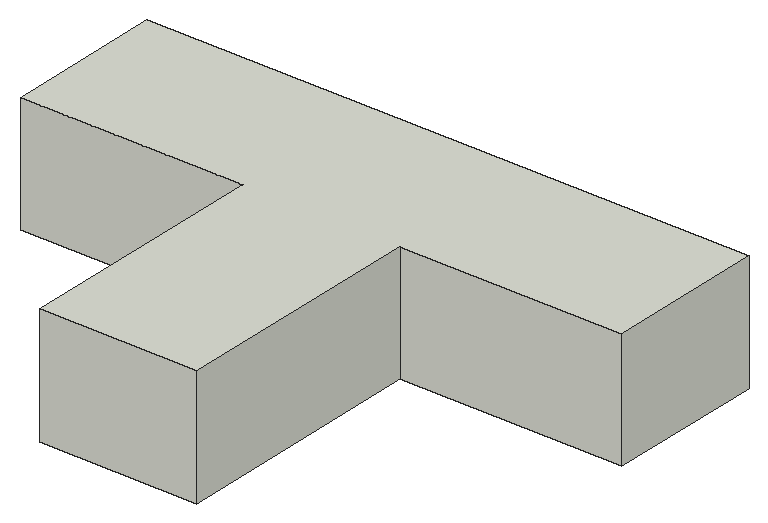
Revit family "Electrical_Fixtures-Metal_Raceway-Hubbell_Wiring-Tee_Fitting-HBL2415IV", category Electrical Fixtures, host Face, Revit 2015
Parameters
  zz YesNo 2 [instance] = and(Pathway, not(Power or Communication))  # yes
  zz YesNo 1 [instance] = and(Pathway, Power or Communication)  # no
  URL = "http://www.hubbell-wiring.com/"
  Product data url = "https://bimobject.com/hubbellwiring/product/hubbell-2400"
  Product Page URL = "http://www.hubbell-wiring.com/press/catalog/R.pdf"
  Product Material = Steel - Hubbell - Ivory
  Product Documentation Link = "http://ecatalog.hubbell-wiring.com/productinformation/CustomerDrawingLibraryAssets/3A/1%5CM10327.pdf"
  Power or Communication [instance] = no
  Pathway [instance] = yes
  Model = "HBL2415IV"  # constant formula
  Manufacturer = "Hubbell Wiring Device Kellems"  # constant formula
  Host Note = "Add in Section View; Host to Wall"  # constant formula
  Description = "Tee Fitting Bend Radius"  # constant formula
  Default Elevation = 48.00"
  Assembly Code = ""
Reference planes (in)
  plane 1 "Center (Front/Back)": y = 0
  plane 2: z = 0
  plane 3 "Center (Left/Right)": x = 0
  plane 4: y = 0.955
  plane 5: y = -0.955
  plane 6: x = 0.955
  plane 7: y = 0.25
  plane 8: y = -0.25
  plane 9: y = 0.4775
  plane 10: y = -0.4775
  plane 11: z = 0.88
  plane 12: x = 3.65
  plane 13: x = -0.955
  plane 14: x = -0.25
  plane 15: x = 0.25
  plane 16: x = -0.4775
  plane 17: x = 0.4775
  plane 18: z = 0.44
  plane 19: z = 0.69
  plane 20: z = 0.19
  plane 21: x = -3.65
  plane 22: y = -4.035
  plane 23: z = 1.44
Forms (in)
  Extrusion 1, solid, material "Steel - Hubbell - Ivory" <- "Product Material", detail levels medium+fine
    sketch origin (0, 0, 0) x (1, 0, 0) y (0, 1, 0)
      loop
        line (-3.65, 0.955) -> (-3.65, -0.955) -> (-0.955, -0.955) -> (-0.955, -4.035) -> (0.955, -4.035) -> (0.955, -0.955) -> (3.65, -0.955) -> (3.65, 0.955) -> (-3.65, 0.955)
    from 0 to 1.44
Lines and regions (in)
  reference lines
    curve 1: line (-0.375, 0, 0) -> (-0.31595, 0, 0.36904)
    curve 2: arc (-0.31595, 0, 0.36904) -> (-0.26866, 0, 0.48012) -> (-0.17482, 0, 0.55609) r 0.25
    curve 3: line (-0.17482, 0, 0.55609) -> (-0.145, 0, 0.57)
    curve 4: line (-0.145, 0, 0.57) -> (0.145, 0, 0.57)
    curve 5: line (0.17482, 0, 0.55609) -> (0.145, 0, 0.57)
    curve 6: arc (0.31595, 0, 0.36904) -> (0.26866, 0, 0.48012) -> (0.17482, 0, 0.55609) r 0.25
    curve 7: line (1.14, 0, 0) -> (0.31595, 0, 0.36904)
    curve 8: line (0.31595, 0, 0.36904) -> (0.28356, 0, 0.5715)
    curve 9: arc (0.28356, 0, 0.5715) -> (0.23277, 0, 0.66194) -> (0.13544, 0, 0.6978) r 0.15
    curve 10: line (-0.13544, 0, 0.6978) -> (0.13544, 0, 0.6978)
    curve 11: arc (-0.28356, 0, 0.5715) -> (-0.23277, 0, 0.66194) -> (-0.13544, 0, 0.6978) r 0.15
    curve 12: line (-0.31595, 0, 0.36904) -> (-0.28356, 0, 0.5715)
  model lines, style "Communication", visible <- "zz YesNo 2", detail levels medium+fine
    curve 13: line (0, 0, 1.44) -> (0, -4.035, 1.44)
    curve 14: line (-3.65, 0, 1.44) -> (3.65, 0, 1.44)
  model lines, style "Model Line", detail levels coarse
    curve 15: line (0, 0, 0.44) -> (0, -4.035, 0.44)
    curve 16: line (-3.65, 0, 0.44) -> (3.65, 0, 0.44)
  model lines, style "Power", visible <- "zz YesNo 1", detail levels medium+fine
    curve 17: line (0, -4.035, 1.44) -> (0, 0, 1.44)
    curve 18: line (3.65, 0, 1.44) -> (-3.65, 0, 1.44)
  symbolic lines, detail levels medium+fine
    curve 19: line (-3.65, 0, 1.44) -> (3.65, 0, 1.44)
    curve 20: line (-3.65, 0, 0) -> (-3.65, 0, 1.44)
    curve 21: line (3.65, 0, 0) -> (-3.65, 0, 0)
    curve 22: line (3.65, 0, 1.44) -> (3.65, 0, 0)
    curve 23: line (-0.955, 0, 0.88) -> (0.955, 0, 0.88)
    curve 24: line (-0.955, 0, 0) -> (-0.955, 0, 1.44)
    curve 25: line (0.955, 0, 1.44) -> (0.955, 0, 0)
    curve 26: line (0, 0.955, 1.44) -> (0, -4.035, 1.44)
    curve 27: line (0, 0.955, 0) -> (0, 0.955, 1.44)
    curve 28: line (0, -4.035, 0) -> (0, 0.955, 0)
    curve 29: line (0, -4.035, 1.44) -> (0, -4.035, 0)
    curve 30: line (0, -0.955, 1.44) -> (0, -0.955, 0)
    curve 31: line (0, 0.955, 0.88) -> (0, -0.955, 0.88)
    curve 32: line (-3.65, 0.955, 0) -> (3.65, 0.955, 0)
    curve 33: line (-3.65, -0.955, 0) -> (-3.65, 0.955, 0)
    curve 34: line (3.65, -0.955, 0) -> (0.955, -0.955, 0)
    curve 35: line (3.65, 0.955, 0) -> (3.65, -0.955, 0)
    curve 36: line (-0.955, -4.035, 0) -> (-0.955, -0.955, 0)
    curve 37: line (0.955, -4.035, 0) -> (-0.955, -4.035, 0)
    curve 38: line (0.955, -0.955, 0) -> (0.955, -4.035, 0)
    curve 39: line (-0.955, -0.955, 0) -> (-3.65, -0.955, 0)
  model lines, style "Snap Locations"
    curve 40: line (0, -4.035, 0.69) -> (0, -4.035, 0.19)
    curve 41: line (0.25, -4.035, 0.44) -> (-0.25, -4.035, 0.44)
  model lines
    curve 42: line (-3.65, 0, 0.69) -> (-3.65, 0, 0.19)
    curve 43: line (-3.65, -0.25, 0.44) -> (-3.65, 0.25, 0.44)
    curve 44: line (3.65, 0, 0.69) -> (3.65, 0, 0.19)
    curve 45: line (3.65, -0.25, 0.44) -> (3.65, 0.25, 0.44)
  model lines, detail levels medium+fine
    curve 46: line (-0.955, -4.035, 0.88) -> (0.955, -4.035, 0.88)
    curve 47: line (-3.65, 0.955, 0.88) -> (-3.65, -0.955, 0.88)
    curve 48: line (3.65, 0.955, 0.88) -> (3.65, -0.955, 0.88)
Dimensions and locks (in)
  locked: plane 4 to plane 5 at 1.91
  equal spacing: plane 7, plane 1 "Center (Front/Back)", plane 8, locked at 0.25 each
  equal spacing: plane 4, plane 9, plane 1 "Center (Front/Back)", plane 10, plane 5
  locked: plane 13 to plane 6 at 1.91
  equal spacing: plane 13, plane 3 "Center (Left/Right)", plane 6
  plane 13 to plane 16 to plane 3 "Center (Left/Right)" to plane 17 to plane 6 = 0.4775", 0.4775", 0.4775", 0.4775"
  equal spacing: plane 14, plane 3 "Center (Left/Right)", plane 15, locked at 0.25 each
  locked: plane 11 to plane 2 at 0.88
  equal spacing: plane 11, plane 18, plane 2, locked at 0.44 each
  equal spacing: plane 19, plane 18, plane 20, locked at 0.25 each
  equal spacing: plane 21, plane 3 "Center (Left/Right)", plane 12
  locked: plane 21 to plane 12 at 7.3
  locked: plane 4 to plane 22 at 4.99
  locked: plane 23 to plane 2 at 1.44
  aligned and locked: plane 2 to host face
  aligned and locked: level to host face
  aligned and locked: curve 15 to plane 3 "Center (Left/Right)"
  aligned and locked: plane 1 "Center (Front/Back)" to curve 16
  aligned and locked: Extrusion 1 sketch curve to plane 4
  aligned and locked: Extrusion 1 sketch curve to plane 21
  aligned and locked: Extrusion 1 sketch curve to plane 5  (x2)
  aligned and locked: Extrusion 1 sketch curve to plane 12
  aligned and locked: plane 22 to Extrusion 1 sketch curve
  aligned and locked: Extrusion 1 sketch curve to plane 13
  aligned and locked: Extrusion 1 sketch curve to plane 6
  aligned and locked: Extrusion 1 to plane 23
  aligned and locked: plane 23 to curve 19
  aligned and locked: curve 20 to plane 21
  aligned and locked: plane 2 to curve 21
  aligned and locked: curve 22 to plane 12
  aligned and locked: plane 11 to curve 23
  aligned and locked: plane 13 to curve 24
  aligned and locked: plane 6 to curve 25
  aligned and locked: curve 26 to plane 23
  aligned and locked: plane 4 to curve 27
  aligned and locked: curve 28 to plane 2
  aligned and locked: plane 22 to curve 29
  aligned and locked: curve 30 to plane 5
  aligned and locked: curve 31 to plane 11
  aligned and locked: curve 32 to plane 4
  aligned and locked: curve 33 to plane 21
  aligned and locked: curve 34 to plane 5
  aligned and locked: curve 35 to plane 12
  aligned and locked: plane 13 to curve 36
  aligned and locked: curve 37 to plane 22
  aligned and locked: plane 6 to curve 38
  aligned and locked: curve 39 to plane 5
  aligned and locked: curve 40 to plane 3 "Center (Left/Right)"
  aligned and locked: curve 41 to plane 18
  aligned and locked: curve 42 to plane 1 "Center (Front/Back)"
  aligned and locked: curve 43 to plane 18
  aligned and locked: curve 45 to plane 18
  aligned and locked: curve 44 to plane 1 "Center (Front/Back)"
  aligned and locked: plane 11 to curve 46
  aligned and locked: curve 47 to plane 11
  aligned and locked: curve 48 to plane 11
  aligned and locked: plane 3 "Center (Left/Right)" to curve 17
  aligned and locked: curve 18 to plane 1 "Center (Front/Back)"
  aligned and locked: plane 1 "Center (Front/Back)" to curve 14
  aligned and locked: curve 13 to plane 3 "Center (Left/Right)"
  aligned and locked: Extrusion 1 to plane 2
Automatic sketch dimensions
  host sketch curve to host sketch curve = 96.00"  (x2)
  curve 1 to level = 0.00"
  curve 7 to level = 0.00"
  curve 1 to plane 3 "Center (Left/Right)" = 0.375"
  curve 12 to plane 3 "Center (Left/Right)" = 0.31595"
  curve 1 to curve 11 = 0.03239"
  curve 12 to curve 3 = 0.10875"
  curve 3 to curve 4 = 0.02982"
  curve 3 to curve 11 = 0.00956"
  curve 2 to plane 3 "Center (Left/Right)" = 0.06909"
  plane 3 "Center (Left/Right)" to curve 6 = 0.06909"
  curve 9 to curve 5 = 0.00956"
  curve 4 to curve 5 = 0.02982"
  level to curve 6 = 0.32954"
  curve 2 to curve 6 = 0.00"
  curve 6 to curve 8 = 0.0395"
  curve 2 to curve 1 = 0.0395"
  curve 9 to curve 5 = 0.00829"
  curve 11 to curve 2 = 0.00829"
  curve 9 to curve 5 = 0.0222"
  curve 3 to curve 11 = 0.01541"
  plane 3 "Center (Left/Right)" to curve 10 = 0.13544"
  curve 6 to curve 9 = 0.10875"
  curve 9 to curve 7 = 0.03239"
  curve 7 to plane 6 = 0.185"
  plane 22 to curve 17 = 0.00"
  curve 18 to plane 12 = 0.00"
  curve 18 to plane 21 = 0.00"
  plane 22 to curve 15 = 0.00"
  curve 16 to plane 12 = 0.00"
  curve 16 to plane 21 = 0.00"
  plane 22 to curve 13 = 0.00"
  curve 14 to plane 12 = 0.00"
  curve 14 to plane 21 = 0.00"
  curve 40 to plane 20 = 0.00"
  curve 40 to plane 19 = 0.00"
  plane 14 to curve 41 = 0.00"
  plane 15 to curve 41 = 0.00"
  plane 20 to curve 42 = 0.00"
  plane 19 to curve 42 = 0.00"
  curve 43 to plane 7 = 0.00"
  curve 43 to plane 8 = 0.00"
  plane 20 to curve 44 = 0.00"
  plane 19 to curve 44 = 0.00"
  curve 45 to plane 7 = 0.00"
  curve 45 to plane 8 = 0.00"
  curve 46 to plane 13 = 0.00"
  plane 6 to curve 46 = 0.00"
  curve 48 to plane 4 = 0.00"
  curve 48 to plane 5 = 0.00"
  curve 47 to plane 5 = 0.00"
  curve 47 to plane 4 = 0.00"
  curve 22 to level = 0.00"
